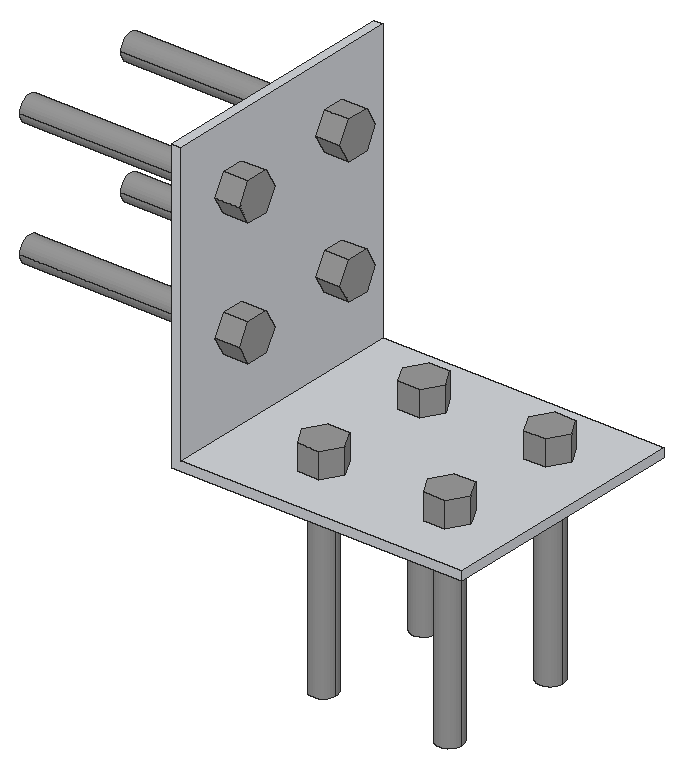
Revit family "060523 - W_P_C - Fastenings - HLGPC Heavy Angles and Gussets", category Structural Connections, Revit 2019
Family settings
  Material for Model Behavior = Other
  Work Plane-Based = Yes
  Enable cutting in views = Yes
  Always vertical = No
  Cut with Voids When Loaded = No
  Shared = No
Parameters (values of type "SIMPSON -HL55 - 5 X 5.75 - .5" BOLT - HDG")
  L = 0' - 5"
  URL = "https://www.strongtie.com/classiccollection_architecturalproductsgroup/hlpc-hlgpc_productgroup_wcc/p/hlpc.hlgpc"
  Hole Radius = 0' - 0 1/4"
  D4 = 0' - 2 1/2"
  D2 = 0' - 2 1/2"
  D1 = 0' - 1 1/4"
  D3 = 0' - 2"
  Ga. = 0' - 0 23/128"
  W1 & W2 = 0' - 5 3/4"
  Default Elevation = 4' - 0"
  Bolt Visibility - 3B = no
  Bolt Visibility - 3A = no
  Bolt Visibility - 2B = yes
  Bolt Visibility - 2A = yes
  Bolt Visibility - 1B = yes
  Bolt Visibility - 1A = yes
  Bolt Visibility = yes
  Bolt Size = Lag Bolt : 1/2" x 4"
Types (5): name | L | Hole Radius | D4 | D2 | D1 | D3 | Ga. | W1 & W2 | Bolt Visibility - 3A | Bolt Visibility - 2B | Bolt Visibility - 2A | Bolt Visibility - 1B | Bolt Size
  SIMPSON -HL73 - 3 X 7.25 - .75 Bolt - HDG | 0' - 3" | 0' - 0 3/8" | 0' - 3" | 0' - 5" | 0' - 1 1/2" | 0' - 2 3/4" | 0' - 0 61/256" | 0' - 7 1/4" | no | no | no | yes | Lag Bolt : 3/4" x 4"
  SIMPSON - HL43 - 3 X 4.25 - .75 Bolt - HDG | 0' - 3" | 0' - 0 3/8" | 0' - 5" | 0' - 5" | 0' - 1 1/2" | 0' - 2 3/4" | 0' - 0 61/256" | 0' - 4 1/4" | no | no | no | no | Lag Bolt : 3/4" x 4"
  SIMPSON -HL46 - 6 X 4.25 - .75 Bolt - HDG | 0' - 6" | 0' - 0 3/8" | 0' - 5" | 0' - 3" | 0' - 1 1/2" | 0' - 2 3/4" | 0' - 0 61/256" | 0' - 4 1/4" | no | no | yes | no | Lag Bolt : 3/4" x 4"
  SIMPSON -HL49 - 9 X 4.25 - .75 Bolt - HDG | 0' - 9" | 0' - 0 3/8" | 0' - 5" | 0' - 3" | 0' - 1 1/2" | 0' - 2 3/4" | 0' - 0 61/256" | 0' - 4 1/4" | yes | no | yes | no | Lag Bolt : 3/4" x 4"
  SIMPSON -HL55 - 5 X 5.75 - .5" BOLT - HDG | 0' - 5" | 0' - 0 1/4" | 0' - 2 1/2" | 0' - 2 1/2" | 0' - 1 1/4" | 0' - 2" | 0' - 0 23/128" | 0' - 5 3/4" | no | yes | yes | yes | Lag Bolt : 1/2" x 4"
Reference planes (in)
  plane 1 "Center (Front/Back)": y = 0
  plane 2: z = 0
  plane 3 "Center (Left/Right)": x = 0
  plane 4: y = 2.5
  plane 5: y = -2.5
  plane 6: x = 5.75
  plane 7: z = 5.75
  plane 8: z = 0.17969
  plane 9: x = 0.17969
  plane 10: y = -1.25
  plane 11: y = 1.25
  plane 12: x = 2
  plane 13: x = 4.5
  plane 14: y = 3.75
  plane 15: z = 2
  plane 16: z = 4.5
Forms (in)
  Extrusion 1, solid
    sketch origin (0, 0, 0) x (1, 0, 0) y (0, 1, 0)
      loop
        line (0, 2.5) -> (0, -2.5) -> (5.75, -2.5) -> (5.75, 2.5) -> (0, 2.5)
    from 0 to 0.17969
  Extrusion 2, solid
    sketch origin (0, 0, 0) x (0, 1, 0) y (0, 0, 1)
      loop
        line (-2.5, 5.75) -> (-2.5, 0.17969) -> (2.5, 0.17969) -> (2.5, 5.75) -> (-2.5, 5.75)
    from 0 to 0.17969
  Extrusion 3, void
    sketch origin (0, 0, 0) x (1, 0, 0) y (0, 1, 0)
      loop
        circle (2, -1.25) r 0.25
    from 0 to 0.17969
  Extrusion 4, void
    sketch origin (1.11176, 0, 0) x (1, 0, 0) y (0, 1, 0)
      loop
        circle (3.38824, -1.25) r 0.25
    from 0 to 0.23828
  Extrusion 5, void
    sketch origin (0, 0.75, 0) x (1, 0, 0) y (0, 1, 0)
      loop
        circle (2, 0.5) r 0.25
    from 0 to 0.23828
  Extrusion 6, void
    sketch origin (1.11176, 0.75, 0) x (1, 0, 0) y (0, 1, 0)
      loop
        circle (3.38824, 0.5) r 0.25
    from 0 to 0.23828
  Extrusion 7, void
    sketch origin (0, 1.65848, 0) x (1, 0, 0) y (0, 1, 0)
      loop
        circle (2, 2.09152) r 0.25
    from 0 to 0.23828
  Extrusion 8, void
    sketch origin (1.11176, 1.65848, 0) x (1, 0, 0) y (0, 1, 0)
      loop
        circle (3.38824, 2.09152) r 0.25
    from 0 to 0.23828
  Extrusion 9, void
    sketch origin (0, 0, 0) x (0, 1, 0) y (0, 0, 1)
      loop
        circle (-1.25, 2) r 0.25
    from 0 to 0.17969
  Extrusion 10, void
    sketch origin (0, 1.18438, 0) x (0, 1, 0) y (0, 0, 1)
      loop
        circle (0.06562, 2) r 0.25
    from 0 to 0.23828
  Extrusion 11, void
    sketch origin (0, 2.26578, 0) x (0, 1, 0) y (0, 0, 1)
      loop
        circle (1.48422, 2) r 0.25
    from 0 to 0.23828
  Extrusion 12, void
    sketch origin (0, 2.26578, 0.75) x (0, 1, 0) y (0, 0, 1)
      loop
        circle (1.48422, 3.75) r 0.25
    from 0 to 0.23828
  Extrusion 13, void
    sketch origin (0, 1.14025, 0.75) x (0, 1, 0) y (0, 0, 1)
      loop
        circle (0.10975, 3.75) r 0.25
    from 0 to 0.23828
  Extrusion 14, void
    sketch origin (0, -0.30161, 0.75) x (0, 1, 0) y (0, 0, 1)
      loop
        circle (-0.94839, 3.75) r 0.25
    from 0 to 0.23828
Cuts and joins
  Extrusion 3, Extrusion 4, Extrusion 5, Extrusion 6, Extrusion 7, Extrusion 8, Extrusion 9, Extrusion 10, Extrusion 11, Extrusion 12, Extrusion 13, Extrusion 14 cuts Extrusion 1
  Extrusion 3, Extrusion 4, Extrusion 5, Extrusion 6, Extrusion 7, Extrusion 8, Extrusion 9, Extrusion 10, Extrusion 11, Extrusion 12, Extrusion 13, Extrusion 14 cuts Extrusion 2
  joined: Extrusion 1, Extrusion 2
Dimensions and locks (in)
  equal spacing: plane 4, plane 1 "Center (Front/Back)", plane 5
  "W1 & W2": plane 3 "Center (Left/Right)" to plane 6
  "L": plane 4 to plane 5
  "W1 & W2": plane 7 to level
  "Ga.": plane 8 to level
  "Ga.": plane 9 to plane 3 "Center (Left/Right)"
  "D1": plane 10 to plane 5
  "D3": plane 3 "Center (Left/Right)" to plane 12
  "D4": plane 12 to plane 13
  "D2": plane 11 to plane 10
  "D2": plane 14 to plane 11
  "D3": plane 15 to level
  "D4": plane 16 to plane 15
  "Hole Radius": radius of Extrusion 3 sketch curve
  "Hole Radius": radius of Extrusion 4 sketch curve
  "Hole Radius": radius of Extrusion 5 sketch curve
  "Hole Radius": radius of Extrusion 6 sketch curve
  "Hole Radius": radius of Extrusion 7 sketch curve
  "Hole Radius": radius of Extrusion 8 sketch curve
  "Hole Radius": radius of Extrusion 9 sketch curve
  "Hole Radius": radius of Extrusion 10 sketch curve
  "Hole Radius": radius of Extrusion 11 sketch curve
  "Hole Radius": radius of Extrusion 12 sketch curve
  "Hole Radius": radius of Extrusion 13 sketch curve
  "Hole Radius": radius of Extrusion 14 sketch curve
  aligned and locked: plane 2 to level
  aligned and locked: plane 5 to Extrusion 1 sketch curve
  aligned and locked: Extrusion 1 sketch curve to plane 4
  aligned and locked: plane 3 "Center (Left/Right)" to Extrusion 1 sketch curve
  aligned and locked: Extrusion 1 sketch curve to plane 6
  aligned and locked: Extrusion 2 sketch curve to plane 4
  aligned and locked: Extrusion 2 sketch curve to plane 7
  aligned and locked: plane 5 to Extrusion 2 sketch curve
  aligned and locked: plane 9 to Extrusion 2
  aligned and locked: plane 8 to Extrusion 2 sketch curve
  aligned and locked: plane 8 to Extrusion 1
  aligned and locked: Extrusion 1 to Extrusion 3
  aligned and locked: plane 12 to Extrusion 3 sketch curve
  aligned and locked: plane 10 to Extrusion 3 sketch curve
  aligned and locked: plane 13 to Extrusion 4 sketch curve
  aligned and locked: plane 10 to Extrusion 4 sketch curve
  aligned and locked: plane 11 to Extrusion 5 sketch curve
  aligned and locked: plane 12 to Extrusion 5 sketch curve
  aligned and locked: plane 11 to Extrusion 6 sketch curve
  aligned and locked: plane 13 to Extrusion 6 sketch curve
  aligned and locked: plane 14 to Extrusion 7 sketch curve
  aligned and locked: plane 12 to Extrusion 7 sketch curve
  aligned and locked: plane 14 to Extrusion 8 sketch curve
  aligned and locked: plane 13 to Extrusion 8 sketch curve
  aligned and locked: nested 1 to plane 10
  aligned and locked: plane 12 to nested 1
  aligned and locked: plane 12 to nested 4
  aligned and locked: nested 4 to plane 11
  aligned and locked: plane 13 to nested 3
  aligned and locked: nested 3 to plane 11
  aligned and locked: plane 13 to nested 2
  aligned and locked: nested 2 to plane 10
  aligned and locked: nested 6 to plane 14
  aligned and locked: plane 13 to nested 6
  aligned and locked: plane 12 to nested 5
  aligned and locked: nested 5 to plane 14
  aligned and locked: Extrusion 2 to Extrusion 9
  aligned and locked: plane 10 to Extrusion 9 sketch curve
  aligned and locked: plane 15 to Extrusion 9 sketch curve
  aligned and locked: plane 11 to Extrusion 10 sketch curve
  aligned and locked: plane 15 to Extrusion 10 sketch curve
  aligned and locked: plane 15 to Extrusion 11 sketch curve
  aligned and locked: plane 14 to Extrusion 11 sketch curve
  aligned and locked: plane 10 to Extrusion 14 sketch curve
  aligned and locked: plane 16 to Extrusion 14 sketch curve
  aligned and locked: plane 11 to Extrusion 13 sketch curve
  aligned and locked: plane 16 to Extrusion 13 sketch curve
  aligned and locked: plane 16 to Extrusion 12 sketch curve
  aligned and locked: plane 14 to Extrusion 12 sketch curve
  aligned and locked: plane 10 to nested 7
  aligned and locked: nested 7 to plane 16
  aligned and locked: nested 8 to plane 16
  aligned and locked: plane 11 to nested 8
  aligned and locked: plane 14 to nested 9
  aligned and locked: nested 9 to plane 16
  aligned and locked: nested 12 to plane 15
  aligned and locked: plane 10 to nested 12
  aligned and locked: plane 11 to nested 11
  aligned and locked: nested 11 to plane 15
  aligned and locked: plane 14 to nested 10
  aligned and locked: nested 10 to plane 15
Nested families (in)
  nested 1: "Lag Bolt" at (2, -1.25, 0.17969), type <- "Bolt Size", visible <- "Bolt Visibility - 1A", type "1/2" x 4""
  nested 2: "Lag Bolt" at (4.5, -1.25, 0.17969), visible <- "Bolt Visibility - 1B", type <- "Bolt Size", type "1/2" x 4""
  nested 3: "Lag Bolt" at (4.5, 1.25, 0.17969), visible <- "Bolt Visibility - 2B", type <- "Bolt Size", type "1/2" x 4""
  nested 4: "Lag Bolt" at (2, 1.25, 0.17969), visible <- "Bolt Visibility - 2A", type <- "Bolt Size", type "1/2" x 4""
  nested 5: "Lag Bolt" at (2, 3.75, 0.17969), visible <- "Bolt Visibility - 3A", type <- "Bolt Size", type "1/2" x 4""
  nested 6: "Lag Bolt" at (4.5, 3.75, 0.17969), visible <- "Bolt Visibility - 3B", type <- "Bolt Size", type "1/2" x 4""
  nested 7: "Lag Bolt" at (0.17969, -1.25, 4.5) x (0, 1, 0) z (1, 0, 0), visible <- "Bolt Visibility - 1B", type <- "Bolt Size", type "1/2" x 4""
  nested 8: "Lag Bolt" at (0.17969, 1.25, 4.5) x (0, 1, 0) z (1, 0, 0), visible <- "Bolt Visibility - 2B", type <- "Bolt Size", type "1/2" x 4""
  nested 9: "Lag Bolt" at (0.17969, 3.75, 4.5) x (0, 1, 0) z (1, 0, 0), visible <- "Bolt Visibility - 3B", type <- "Bolt Size", type "1/2" x 4""
  nested 10: "Lag Bolt" at (0.17969, 3.75, 2) x (0, 1, 0) z (1, 0, 0), visible <- "Bolt Visibility - 3A", type <- "Bolt Size", type "1/2" x 4""
  nested 11: "Lag Bolt" at (0.17969, 1.25, 2) x (0, 1, 0) z (1, 0, 0), visible <- "Bolt Visibility - 2A", type <- "Bolt Size", type "1/2" x 4""
  nested 12: "Lag Bolt" at (0.17969, -1.25, 2) x (0, 1, 0) z (1, 0, 0), type <- "Bolt Size", visible <- "Bolt Visibility - 1A", type "1/2" x 4""
Definition of nested family "Lag Bolt"
  Parameters (values of type "1/2" x 4"")
    Side = Head Size * 0.57812  # 0' - 0 111/256"
    Radius = Diameter / 2  # 0' - 0 1/4"
    Length = 0' - 4"
    Head Size = 0' - 0 3/4"
    Head Radius = Head Size / 2  # 0' - 0 3/8"
    Head Height = 0' - 0 1/2"
    Diameter = 0' - 0 1/2"
    Default Elevation = 4' - 0"
    Bolt Material (Size) = none
  Types (2): name | Side | Radius | Head Size | Head Radius | Diameter
    3/4" x 4" | 0' - 0.65039" | 0' - 0 3/8" | 0' - 1 1/8" | 0' - 0 9/16" | 0' - 0 3/4"
    1/2" x 4" | 0' - 0 111/256" | 0' - 0 1/4" | 0' - 0 3/4" | 0' - 0 3/8" | 0' - 0 1/2"
  Reference planes (in)
    plane 1 "Center (Front/Back)": y = 0
    plane 2: z = 0
    plane 3 "Center (Left/Right)": x = 0
    plane 4: z = 0.5
    plane 5: z = -4
    plane 6: y = 0
    plane 7: x = 0
  Forms (in)
    Extrusion 1, solid, material <- "Bolt Material (Size)"
      sketch origin (0, 0, 0) x (1, 0, 0) y (0, 1, 0)
        loop
          line (-0.21651, 0.375) -> (-0.43301, 0) -> (-0.21651, -0.375) -> (0.21651, -0.375) -> (0.43301, 0) -> (0.21651, 0.375) -> (-0.21651, 0.375)
      from 0 to 0.5
    Extrusion 2, solid, material <- "Bolt Material (Size)"
      sketch origin (0, 0, 0) x (1, 0, 0) y (0, 1, 0)
        loop
          circle (0, 0) r 0.25
      from -4 to 0
  Lines and regions (in)
    model lines
      curve 1: line (0, -0.375, 0.5) -> (0, 0.375, 0.5)
      curve 2: line (0.43301, 0, 0.5) -> (-0.43301, 0, 0.5)
  Dimensions and locks (in)
    "Head Height": plane 4 to level
    "Length": level to plane 5
    "Head Radius": Extrusion 1 sketch curve to plane 3 "Center (Left/Right)"
    "Head Radius": Extrusion 1 sketch curve to plane 7
    "Head Radius": Extrusion 1 sketch curve to plane 6  (x4)
    "Radius": radius of Extrusion 2 sketch curve
    locked: Extrusion 1 sketch curve to Extrusion 1 sketch curve (angle 120.00°)  (x5)
    aligned and locked: level to plane 2
    aligned and locked: Extrusion 1 to plane 4
    aligned and locked: Extrusion 2 to plane 5
    aligned and locked: plane 7 to curve 1
    aligned and locked: plane 6 to curve 2
  Automatic sketch dimensions
    curve 2 to Extrusion 1 = 0' - 0"
    curve 1 to Extrusion 1 = 0' - 0"
    Extrusion 1 to curve 1 = 0' - 0"
    Extrusion 1 to curve 2 = 0' - 0"
    plane 1 "Center (Front/Back)" to Extrusion 2 sketch curve = 0' - 0"
    Extrusion 2 sketch curve to plane 3 "Center (Left/Right)" = 0' - 0"
